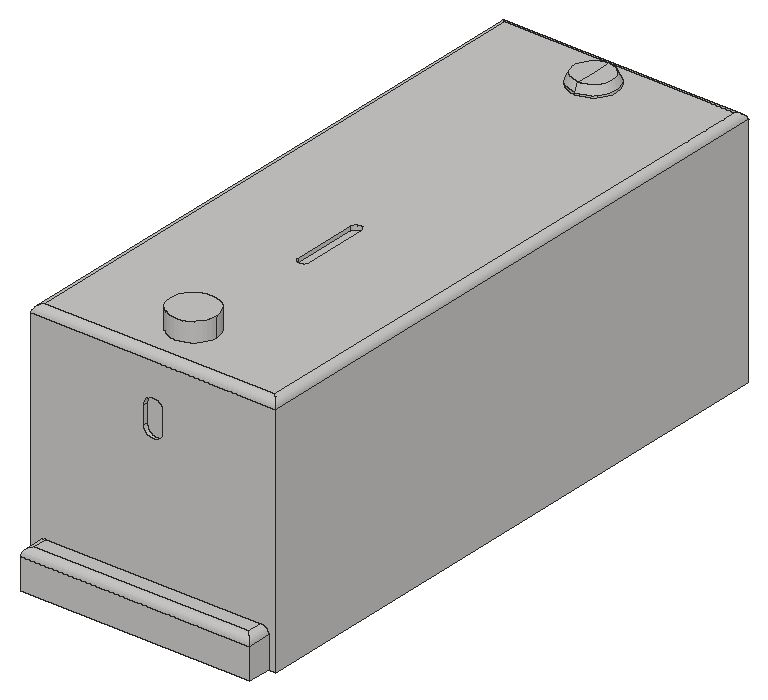
Revit family "PRD_FrankeWS_SoapDpnsrs_Heavy-DutySoapDispenser_SD300", category Specialty Equipment, host Face, Revit 2018
Family settings
  Host = Face
  Round Connector Dimension = Use Diameter
  Part Type = Normal
  OmniClass Number = 23.40.20.21.34
  OmniClass Title = Soap Holders, Dispensers
  Cut with Voids When Loaded = No
  Shared = No
  Room Calculation Point = No
Parameters (values of type "SD300")
  WarrantyStartDate [instance] = "1900-12-31T23:59:59"
  WarrantyGuarantorParts = "n/a"
  WarrantyGuarantorLabor = "n/a"
  WarrantyDurationUnit = "year"
  WarrantyDurationParts = "n/a"
  WarrantyDurationLabor = "n/a"
  WarrantyDescription = "n/a"
  Version = "1"
  Uniclass2015Version = "Products v1.5"
  Uniclass2015Title = "Soap dispensers"
  Uniclass2015Code = "Pr_40_70_22_81"
  URL = "www.kwc.com"
  TypeOfSoapContainer = "Integrated refillable tank"
  TypeOfConsumable = "Liquid soap"
  TagNumber [instance] = "n/a"
  SustainabilityPerformance = "n/a"
  Style = "Soap dispenser"
  SoapDispenserMaterial = PRD_AR_StainlessSteel_SatinFinished
  Size = "128 x 320 x 127 mm"
  Shape = "Rectangular"
  SerialNumber [instance] = "n/a"
  Revision = "n/a"
  ReplacementCost = "n/a"
  ProductInformation = "https://pim.kwc.com/product/2000057729/attachment/datasheet?locale=en"
  Operation = "Manual"
  NominalWidth = 128.00 mm
  NominalLength = 128.00 mm
  NominalHeight = 320.00 mm
  NominalDepth = 127.00 mm
  NetWeight = 3.50 kg
  Name = "HEAVY-DUTY soap dispenser SD300"
  NBSTypeID = "n/a"
  NBSReference = "45-35-72/358"
  NBSOfficeMasterTag = "n/a"
  NBSNote = "n/a"
  NBSDescription = "Soap dispensers"
  NBSCertification = "n/a"
  ModelReference = "SD300"
  ModelNumber = "2000057729"
  Model = ModelReference  # "SD300"
  MaterialsFinishAndColour = "Stainless steel, satin finished"
  MaterialsBody = "Stainless steel"
  Material = "Stainless steel"
  ManufacturerURL = "www.kwc.com"
  ManufacturerName = "KWC Group AG"  # constant formula
  Manufacturer = ManufacturerName  # "KWC Group AG"
  MainColor = "Stainless steel"
  IntegralAccessories = "Stainless steel screws and dowels incl."
  InstallationDate [instance] = "1900-12-31T23:59:59"
  IfcExportType = "NOTDEFINED"
  IfcExportAs = "IfcFurnitureType"
  GrossWeight = 3.80 kg
  Grade = "n/a"
  Form = "Wall mounted"
  Finish = "Satin finished"
  Features = "stainless steel, surface satin finished, suitable for liquid soaps and lotions, 1 liter soap tank, push button on front."
  ExpectedLife = "n/a"
  DurationUnit = "year"
  Description = "Soap dispenser for wall mounting, stainless steel, surface satin finished, material thickness 14 gauge (2 mm), casing is held in place by a stainless steel rod fixed to the mounting plate and a security lock, suitable for liquid soaps and lotions, 1 liter soap tank, push button on front, incl. stainless steel screws and dowels."
  Default Elevation = 1050.00 mm
  Constituents = "n/a"
  Color = "Stainless steel"
  CodePerformance = "n/a"
  Category = "Pr_40_70_22_81, Soap dispensers"
  BarCode [instance] = "n/a"
  BIMObjectName = "PRD_AR_SoapDispensers_Heavy-DutySoapDispenser_SD300"
  Author = "Archispace"  # constant formula
  AssetType = "Fixed"
  AssetIdentifier [instance] = "n/a"
  AccessibilityPerformance = "n/a"
Reference planes
  plane 1 "Center (Front/Back)": y = 0
  plane 2: z = 0
  plane 3 "Center (Left/Right)": x = 0
Forms (mm)
  Extrusion 1, solid, material "PRD_AR_StainlessSteel_SatinFinished" <- "SoapDispenserMaterial", detail levels fine
    sketch origin (0, 0, 0) x (0, 1, 0) y (0, 0, 1)
      loop
        line (0, 0) -> (308, 0) -> (308, 123)
        arc (308, 123) -> (306.828, 125.828) -> (304, 127) r 4
        line (304, 127) -> (4, 127)
        arc (4, 127) -> (1.172, 125.828) -> (0, 123) r 4
        line (0, 123) -> (0, 0)
    from -64 to 64
  Extrusion 2, void
    sketch origin (0, 0, 0) x (1, 0, 0) y (0, 0, 1)
      loop
        line (-64, 127) -> (-64, 123)
        arc (-64, 123) -> (-62.828, 125.828) -> (-60, 127) r 4
        line (-60, 127) -> (-64, 127)
      loop
        line (64, 127) -> (60, 127)
        arc (60, 127) -> (62.828, 125.828) -> (64, 123) r 4
        line (64, 123) -> (64, 127)
    from 0 to -308
  Extrusion 3, solid, material "PRD_AR_StainlessSteel_SatinFinished" <- "SoapDispenserMaterial", detail levels fine
    sketch origin (0, 0, 0) x (0, 1, 0) y (0, 0, 1)
      loop
        line (0, 0) -> (0, 20) -> (-8, 20)
        arc (-8, 20) -> (-10.828, 18.828) -> (-12, 16) r 4
        line (-12, 16) -> (-12, 0) -> (0, 0)
    from -60 to 60
  Extrusion 4, void
    sketch origin (0, 0, 0) x (1, 0, 0) y (0, 0, 1)
      loop
        line (-60, 20) -> (-60, 16)
        arc (-60, 16) -> (-58.828, 18.828) -> (-56, 20) r 4
        line (-56, 20) -> (-60, 20)
      loop
        line (60, 20) -> (56, 20)
        arc (56, 20) -> (58.828, 18.828) -> (60, 16) r 4
        line (60, 16) -> (60, 20)
    from 0 to 12
  Revolve 5, solid, material "PRD_AR_StainlessSteel_SatinFinished" <- "SoapDispenserMaterial", detail levels fine
    sketch origin (0, 0, 0) x (0, 1, 0) y (0, 0, 1)
      loop
        line (299, 127) -> (299, 128) -> (297, 132) -> (287, 132) -> (287, 127) -> (299, 127)
      axis (287, 127) -> (287, 132)
    angle from 0 to 360
  Extrusion 6, solid, material "PRD_AR_StainlessSteel_SatinFinished" <- "SoapDispenserMaterial", detail levels fine
    sketch origin (0, 0, 0) x (1, 0, 0) y (0, 1, 0)
      loop
        circle (0, 26) r 12
    from 127 to 137
  Extrusion 7, void
    sketch origin (0, 0, 0) x (1, 0, 0) y (0, 1, 0)
      loop
        arc (-3, 98) -> (0, 95) -> (3, 98) r 3
        line (3, 98) -> (3, 132)
        arc (3, 132) -> (0, 135) -> (-3, 132) r 3
        line (-3, 132) -> (-3, 98)
    from 125 to 127
  Extrusion 8, void
    sketch origin (0, 0, 0) x (1, 0, 0) y (0, 0, 1)
      loop
        arc (-5, 91.5) -> (0, 86.5) -> (5, 91.5) r 5
        line (5, 91.5) -> (5, 101)
        arc (5, 101) -> (0, 106) -> (-5, 101) r 5
        line (-5, 101) -> (-5, 91.5)
    from 0 to -2
  Extrusion 9, solid, material "PRD_AR_StainlessSteel_SatinFinished" <- "SoapDispenserMaterial", detail levels coarse+medium
    sketch origin (0, 0, 0) x (0, 1, 0) y (0, 0, 1)
      loop
        line (308, 0) -> (308, 127) -> (0, 127) -> (0, 0) -> (308, 0)
    from -64 to 64
  Extrusion 10, solid, material "PRD_AR_StainlessSteel_SatinFinished" <- "SoapDispenserMaterial", detail levels coarse+medium
    sketch origin (0, 0, 0) x (0, 1, 0) y (0, 0, 1)
      loop
        line (-12, 0) -> (0, 0) -> (0, 20) -> (-12, 20) -> (-12, 0)
    from -60 to 60
Cuts and joins
  Extrusion 2, Extrusion 4, Extrusion 7, Extrusion 8 cuts Extrusion 1
  Extrusion 4, Extrusion 7, Extrusion 8 cuts Extrusion 3
  joined: Extrusion 1, Extrusion 3
  joined: Extrusion 9, Extrusion 10
Dimensions and locks
  aligned and locked: plane 2 to host face
  aligned and locked: level to host face
